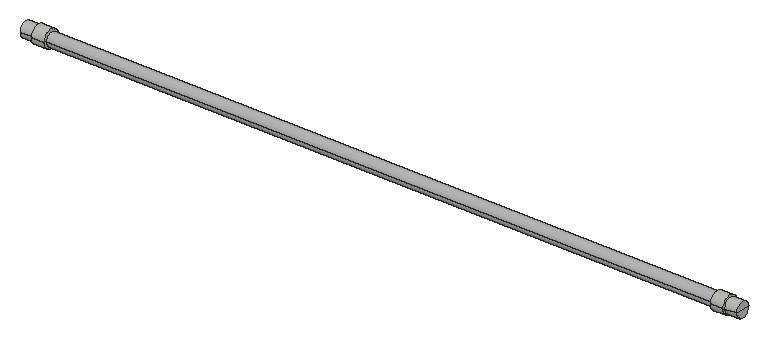
Revit family "Plumbing_Pipes_Aignep_Flexible-Hose-Connected-90806", category Pipe Accessories, Revit 2018
Family settings
  Round Connector Dimension = Use Diameter
  Part Type = Normal
  OmniClass Number = 23.27.43.00
  OmniClass Title = Pipe Fittings
  Cut with Voids When Loaded = No
  Shared = No
Parameters (values of type "90806")
  URL = "https://www.aignep.com/"
  Tick Size [instance] = Nominal Diameter * 0.8  # 16 mm
  QR code = "https://www.bimobject.com/aignep/product/flexible-hose-connected-90806"
  Product url = "https://www.aignep.com/eng/Pipe-fittings-INFINITY/Air-Pipeline-INFINITY-Series/FLEXIBLE-HOSE-CONNECTED"
  Product name = "Flexible Hose Connected - 90806"
  Product group = "Tubes"
  Product family = "INFINITY"
  Product data url = "https://www.bimobject.com/aignep/product/flexible-hose-connected-90806"
  Product certification = "https://www.aignep.com/eng/Certificazioni/FREE-OF-SILICON"
  Product SKU = "Flexible-Hose-Connected-90806"
  Product Material = AIGNEP - Aluminium - Grey
  Product Guid = "ca6625da-5f0e-4c1a-bc28-d38577bcd021"
  OmniClass Description = "Pipe Fittings"
  OmniClass Code = "23-27 43 00"
  Nominal Diameter [instance] = 20.000 mm
  Model = "90806"
  Material main = "Plastic"
  Manufacturer name = "Aignep Spa"
  Manufacturer country = "Italy"
  Manufacturer = "Aignep Spa"
  Length Control [instance] = if([built-in parameter 1001306] < 100 mm, 100 mm, if([built-in parameter 1001306] > 3500 mm, 3500 mm, [built-in parameter 1001306]))  # 1000 mm
  built-in parameter 1001306 [instance] = 1000 mm
  Keynote = "15410"
  IFC Classification = "Pipe Fitting"
  Edition number = 1
  Diameter [instance] = Nominal Diameter - 2 mm  # 18 mm
  Design country = "Italy"
  Description = "Flexible hose connected"  # constant formula
  BIMobject category = "Pipes"
  Assembly Code = "D2040100"
  Article Code = "90806"  # constant formula
Reference planes
  plane 1 "Center (Front/Back)": y = 0
  plane 2: z = 0
  plane 3 "Left": x = 0
  plane 4 "Right": x = 1000
  plane 5: x = 1000
  plane 6: y = 10
  plane 7: y = -10
  plane 8: x = 35
  plane 9: x = 965
Forms (mm)
  Revolve 1, solid, material "AIGNEP - Steel - Brushed", detail levels fine
    sketch origin (0, 0, 0) x (1, 0, 0) y (0, 1, 0)
      loop
        line (0, 10) -> (0, 0) -> (35, 0) -> (35, 12) -> (17.5, 12) -> (17.5, 10) -> (0, 10)
      axis (0, 0) -> (35, 0)
    angle from 0 to 360
  Revolve 2, solid, material "AIGNEP - Steel - Brushed", detail levels fine
    sketch origin (1260, 0, 0) x (-1, 0, 0) y (0, 1, 0)
      loop
        line (260, 10) -> (260, 0) -> (295, 0) -> (295, 12) -> (277.5, 12) -> (277.5, 10) -> (260, 10)
      axis (260, 0) -> (295, 0)
    angle from 0 to 360
  Sweep 3, solid, material "AIGNEP - Aluminium - Grey" <- "Product Material", detail levels fine
    path origin (0, 0, 0) x (1, 0, 0) y (0, 1, 0)
      loop
        line (35, 0) -> (965, 0)
    profile origin (500, 0, 0) x (0, 1, 0) y (0, 0, 1)
      loop
        circle (0, 0) r 9
Lines and regions (mm)
  reference lines
    curve 1: line (0, 0, 0) -> (1000, 0, 0)
  model lines, detail levels coarse+medium
    curve 2: line (0, 0, 0) -> (1000, 0, 0)
    curve 3: line (0, 16, 0) -> (0, -16, 0)
    curve 4: line (1000, 16, 0) -> (1000, -16, 0)
Dimensions and locks
  "built-in parameter 1001306": plane 3 "Left" to plane 4 "Right"
  "Length Control": plane 3 "Left" to plane 5
  equal spacing: plane 6, plane 1 "Center (Front/Back)", plane 7
  "Nominal Diameter": plane 7 to plane 6
  locked: plane 3 "Left" to plane 8 at 35
  locked: plane 9 to plane 5 at 35
  locked: Revolve 1 sketch curve to plane 6 at 2
  equal spacing: plane 3 "Left", Revolve 1 sketch curve, plane 8
  locked: Revolve 2 sketch curve to Revolve 2 sketch curve at 2
  equal spacing: plane 9, Revolve 2 sketch curve, plane 5
  "Tick Size": plane 1 "Center (Front/Back)" to curve 4
  "Tick Size": curve 4 to plane 1 "Center (Front/Back)"
  "Tick Size": plane 1 "Center (Front/Back)" to curve 3
  "Tick Size": curve 3 to plane 1 "Center (Front/Back)"
  "Diameter": diameter of Sweep 3 sketch curve
  aligned and locked: plane 1 "Center (Front/Back)" to curve 1
  aligned and locked: plane 3 "Left" to curve 1
  aligned and locked: level to plane 2
  aligned and locked: plane 5 to curve 1
  aligned and locked: Revolve 1 sketch curve to plane 6
  aligned and locked: plane 3 "Left" to Revolve 1 sketch curve
  aligned and locked: Revolve 1 sketch curve to plane 8
  aligned and locked: plane 9 to Revolve 2 sketch curve
  aligned and locked: plane 5 to Revolve 2 sketch curve
  aligned and locked: Revolve 2 sketch curve to plane 6
  aligned and locked: plane 9 to Sweep 3 sketch curve
  aligned and locked: plane 8 to Sweep 3 sketch curve
  aligned and locked: plane 1 "Center (Front/Back)" to Sweep 3 sketch curve
  aligned and locked: plane 5 to curve 2
  aligned and locked: plane 3 "Left" to curve 2
  aligned and locked: plane 1 "Center (Front/Back)" to curve 2
  aligned and locked: curve 3 to plane 3 "Left"
  aligned and locked: curve 4 to plane 5
Automatic sketch dimensions
  plane 1 "Center (Front/Back)" to Revolve 1 sketch curve = 0 mm  (x2)
  Revolve 1 sketch curve to plane 8 = 10 mm
  Revolve 1 sketch curve to Revolve 1 sketch curve = 20 mm
  plane 1 "Center (Front/Back)" to Revolve 2 sketch curve = 0 mm  (x2)
  Revolve 2 sketch curve to plane 9 = 0 mm
  plane 5 to Revolve 2 sketch curve = 5 mm
  Sweep 3 sketch curve to level = 0 mm
  Sweep 3 sketch curve to profile plane = 0 mm
Connectors
  piping at (0, 0, 0), diameter 20, driven by "Nominal Diameter"
    settings: on Revolve 1, index 1, connector inside diameter 609.600 mm, connector length 0 mm, flow factor 0, pipe flow 0 GPM, pressure drop 0.00 psi, fitting loss kfactor 0, connector angle 0.00°, fixture units 0, engagement length 0 mm, angle of deflection 0.00°, flow configuration 0, flow direction 0, fitting loss method 0, system type 28, joint type 0, gender type 0, connector reference index -1, connector utility 0, adjustable connector no, is connector primary yes, connector description ""
  piping at (1000, 0, 0), diameter 20, driven by "Nominal Diameter"
    settings: on Revolve 2, index 2, connector inside diameter 609.600 mm, connector length 0 mm, flow factor 0, pipe flow 0 GPM, pressure drop 0.00 psi, fitting loss kfactor 0, connector angle 0.00°, fixture units 0, engagement length 0 mm, angle of deflection 0.00°, flow configuration 0, flow direction 0, fitting loss method 0, system type 28, joint type 0, gender type 0, connector reference index -1, connector utility 0, adjustable connector no, is connector primary no, connector description ""
